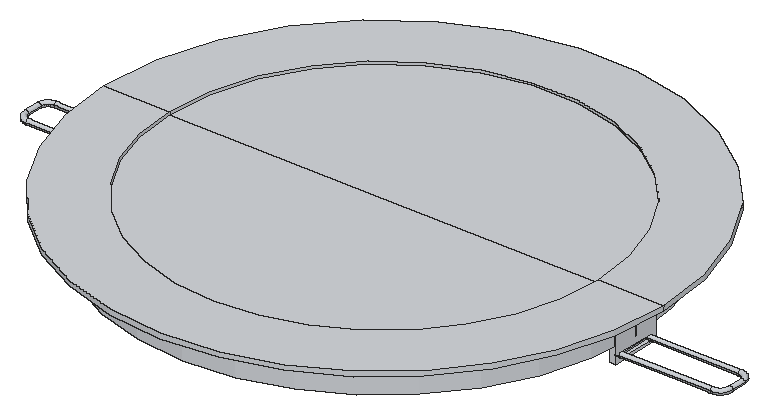
Revit family "0053940", category Lighting Fixtures, host Face, Revit 2017
Family settings
  Host = Face
  Round Connector Dimension = Use Diameter
  Part Type = Normal
  OmniClass Number = 23.80.70.00
  OmniClass Title = Lighting
  Cut with Voids When Loaded = No
  Light Source = Yes
  Shared = No
  Room Calculation Point = No
Parameters (values of type "0053940 ST E DOWNLIGHT FLT 205 IP44 2200 830 DIM")
  Weight = "4.57 kg"
  Wattage Comments = ""
  Wattage = 24 W
  WarrantyStartDate [instance] = "n/a"
  WarrantyGuarantorParts = "n/a"
  WarrantyDurationUnit = "n/a"
  WarrantyDurationParts = "n/a"
  WarrantyDescription = "n/a"
  built-in parameter 1150110 = 1 (stored number, unit not read)
  Voltage = 0 V
  URL = "http://www.sylvania-lighting.com"
  TypeName = "START eco Downlight Flat 205 IP44 2200lm 830 DIM"
  Type Image = <None>
  Type Comments = "n/a"
  built-in parameter 1114217 = 1 (stored number, unit not read)
  Tilt Angle = -90.00°
  built-in parameter 1150109 = 1 (stored number, unit not read)
  built-in parameter 1150134 = (empty or 0)
  built-in parameter 1150113 = 1 (stored number, unit not read)
  SerialNumber [instance] = "n/a"
  SIZE_203_SYL = 1
  SIZE_155_SYL = 0
  R_DIFF_SYL = if(SIZE_155_SYL = 1, 63.5 mm, if(SIZE_203_SYL = 1, 86.5 mm, 40 mm))  # 86.5 mm
  R2_SYL = if(SIZE_155_SYL = 1, 77.5 mm, if(SIZE_203_SYL = 1, 101.5 mm, 52.5 mm))  # 101.5 mm
  R1_SYL = if(SIZE_155_SYL = 1, 86 mm, if(SIZE_203_SYL = 1, 113 mm, 60 mm))  # 113 mm
  Photometric Web File = "0053940.ies"
  LUM_HEIGHT_SYL = 15 mm - CHAMF_SYL  # 14 mm
  CLIP_SYL = 10 mm
  CLIP_HOLE_SYL = 2.5 mm
  CLIP_HOLE_HE_SYL = 8.5 mm
  CLIP_D_SYL = R2_SYL - 2.5 mm  # 99 mm
  CLIP_DIST_SYL = R2_SYL - 2.5 mm  # 99 mm
  CLIP_CUTOUT_SYL = 19 mm
  CHAMF_SYL = 1 mm
  Material_3_SYL = none
  PowerFactor = 0.9
  PowerConsumption = "24 W"
  NominalLength = 226 mm
  NominalHeight = 21 mm
  NominalDepth = 226 mm
  Name = "START eco Downlight Flat 205 IP44 2200lm 830 DIM"
  ModelReference = Name  # "START eco Downlight Flat 205 IP44 2200lm 830 DIM"
  ModelNumber = "0053940"
  Model = Name  # "START eco Downlight Flat 205 IP44 2200lm 830 DIM"
  Material = "n/a"
  ManufacturerName = "Feilo Sylvania"
  Manufacturer = "Feilo Sylvania"
  LuminousEfficacy = "92 lm/W"
  built-in parameter 1150105 = 175.71 (stored number, unit not read)
  Lumens = 2208 lm
  LuminaireType = ""
  built-in parameter 1150115 = 1 (stored number, unit not read)
  LightOutputRatio = "n/a"
  built-in parameter 1150137 = (empty or 0)
  built-in parameter 1150139 = (empty or 0)
  LampsType = Lamp  # "LED"
  LampNominalLuminous = "2200 lm"
  LampMacAdamStep = "5"
  LampColourTemperature = "3000 K"
  LampColourRenderingIndex = "80"
  built-in parameter 1150112 = 1 (stored number, unit not read)
  built-in parameter 1150114 = 1 (stored number, unit not read)
  Lamp = "LED"
  Keynote = "16500"
  InstallationDate [instance] = "n/a"
  InputVoltage = "n/a"
  InputNominalFrequency = "n/a"
  built-in parameter 1150132 = (empty or 0)
  built-in parameter 1150102 = (empty or 0)
  built-in parameter 1150107 = 3000 (stored number, unit not read)
  built-in parameter 1150138 = (empty or 0)
  IngressProtection = "IP44/20"
  ImpactProtectionIndex = "IK06"
  built-in parameter 1150106 = 1.7571 (stored number, unit not read)
  IfcExportType = "IfcLightFixtureType"
  IfcExportAs = "IfcLightFixtureType"
  Emit from Circle Diameter = 609.6 mm
  Emit Shape Visible in Rendering = no
  ElectricShockClassification = "Class II"
  built-in parameter 1150104 = 8.5471 (stored number, unit not read)
  DocumentationLiterature = "http://www.sylvania-lighting.com/product/en-int/products/0053940"
  DimmingControlOptions = "n/a"
  Material_2_SYL = none
  Dimming Lamp Color Temperature Shift = <None>
  Description = "START eco Downlight Flat IP44 DIM is an integrated LED recessed downlight with separated phase dimmable driver; 24W; 2200Lm; 92Lm/W; 3000K; IP44 rated from the front; 30,000hrs (L70B50)."
  Default Elevation = 1219.2 mm
  CreatedOn = "8/6/2020"
  CreatedBy = "@sylvania-lighting.com"
  Cost = 0
  Color Filter = 16777215
  built-in parameter 1114216 [instance] = (empty or 0)
  ClassificationValue = "EF_70_80"
  ClassificationName = "Uniclass2015"
  Material_1_SYL = none
  CHAMF_2_SYL = 1 mm
  BarCode [instance] = "n/a"
  built-in parameter 1114218 = 1 (stored number, unit not read)
  built-in parameter 1150133 = 10 (stored number, unit not read)
  AssetType = "Fixed"
  AssetIdentifier [instance] = "n/a"
  Assembly Code = "D5020200"
  Apparent Load = 24 VA
  Material_4_SYL = none
Types (17, lengths in mm): name | Weight | Wattage | TypeName | built-in parameter 1150134 | SIZE_203_SYL | SIZE_155_SYL | R_DIFF_SYL | R2_SYL | R1_SYL | Photometric Web File | CLIP_D_SYL | CLIP_DIST_SYL | PowerFactor | PowerConsumption | NominalLength | NominalHeight | NominalDepth | Name | ModelReference | ModelNumber | Model | Material | LuminousEfficacy | built-in parameter 1150105 | Lumens | LampNominalLuminous | LampMacAdamStep | LampColourTemperature | built-in parameter 1150107 | built-in parameter 1150106 | built-in parameter 1150104 | DocumentationLiterature | Description | Apparent Load
  0053988 SYLFLAT 105 IP44 550LM 830 DIM | "3.555 kg" | 7 W | "Sylflat 105 IP44 550lm 830 DIM" | (empty or 0) | 0 | 1 | 63.5 | 77.5 | 86 | "0053988.ies" | 75 | 75 | 0 | "7 W" | 0 | 0 | 0 | "Sylflat 105 IP44 550lm 830 DIM" | "Sylflat 105 IP44 550lm 830 DIM" | "53988" | "Sylflat 105 IP44 550lm 830 DIM" | "n/a" | "78.57 lm/W" | 43.768 (stored number, unit not read) | 550 lm | "550 lm" | "3" | "3000 K" | 3000 (stored number, unit not read) | 0.43768 (stored number, unit not read) | 7.2995 (stored number, unit not read) | "http://www.sylvania-lighting.com/product/en-int/products/0053988" | "Sylflat DIM is an integrated LED recessed downlight with separated phase dimmable driver; 7W; 550Lm; 79Lm/W; 3000K; IP44 rated from the front; 50,000hrs (L70B50)." | 7 VA
  0053957 SYLFLAT 205 IP44 2250LM 840 DIM | "4.57 kg" | 24 W | "Sylflat 205 IP44 2250lm 840 DIM" | 12 | 1 | 0 | 86.5 | 101.5 | 113 | "0053957.ies" | 99 | 99 | 0.9 | "24 W" | 226 | 21 | 226 | "Sylflat 205 IP44 2250lm 840 DIM" | "Sylflat 205 IP44 2250lm 840 DIM" | "53957" | "Sylflat 205 IP44 2250lm 840 DIM" | "n/a" | "103 lm/W" | 196.72 (stored number, unit not read) | 2472 lm | "2250 lm" | "3" | "4000 K" | 4000 (stored number, unit not read) | 1.9672 (stored number, unit not read) | 9.569 (stored number, unit not read) | "http://www.sylvania-lighting.com/product/en-int/products/0053957" | "Sylflat DIM is an integrated LED recessed downlight with separated phase dimmable driver; 24W; 2250Lm; 103Lm/W; 4000K; IP44 rated from the front; 50,000hrs (L70B50)." | 24 VA
  0053956 SYLFLAT 205 IP44 2200LM 830 DIM | "4.57 kg" | 24 W | "Sylflat 205 IP44 2200lm 830 DIM" | (empty or 0) | 1 | 0 | 86.5 | 101.5 | 113 | "0053956.ies" | 99 | 99 | 0.9 | "24 W" | 226 | 21 | 226 | "Sylflat 205 IP44 2200lm 830 DIM" | "Sylflat 205 IP44 2200lm 830 DIM" | "53956" | "Sylflat 205 IP44 2200lm 830 DIM" | "n/a" | "100 lm/W" | 190.99 (stored number, unit not read) | 2400 lm | "2200 lm" | "3" | "3000 K" | 3000 (stored number, unit not read) | 1.9099 (stored number, unit not read) | 9.2903 (stored number, unit not read) | "http://www.sylvania-lighting.com/product/en-int/products/0053956" | "Sylflat DIM is an integrated LED recessed downlight with separated phase dimmable driver; 24W; 2200Lm; 100Lm/W; 3000K; IP44 rated from the front; 50,000hrs (L70B50)." | 24 VA
  0053955 SYLFLAT 205 IP44 1750LM 840 DIM | "4.57 kg" | 17 W | "Sylflat 205 IP44 1750lm 840 DIM" | 12 | 1 | 0 | 86.5 | 101.5 | 113 | "0053955.ies" | 99 | 99 | 0.9 | "17 W" | 226 | 21 | 226 | "Sylflat 205 IP44 1750lm 840 DIM" | "Sylflat 205 IP44 1750lm 840 DIM" | "53955" | "Sylflat 205 IP44 1750lm 840 DIM" | "aluminium housing, other diffuser" | "103 lm/W" | 139.34 (stored number, unit not read) | 1751 lm | "1750 lm" | "3" | "4000 K" | 4000 (stored number, unit not read) | 1.3934 (stored number, unit not read) | 9.569 (stored number, unit not read) | "http://www.sylvania-lighting.com/product/en-int/products/0053955" | "Sylflat DIM is an integrated LED recessed downlight with separated phase dimmable driver; 17W; 1750Lm; 103Lm/W; 4000K; IP44 rated from the front; 50,000hrs (L70B50)." | 17 VA
  0053954 SYLFLAT 205 IP44 1550LM 830 DIM | "4.57 kg" | 17 W | "Sylflat 205 IP44 1550lm 830 DIM" | (empty or 0) | 1 | 0 | 86.5 | 101.5 | 113 | "0053954.ies" | 99 | 99 | 0.9 | "17 W" | 226 | 21 | 226 | "Sylflat 205 IP44 1550lm 830 DIM" | "Sylflat 205 IP44 1550lm 830 DIM" | "53954" | "Sylflat 205 IP44 1550lm 830 DIM" | "aluminium housing, other diffuser" | "91 lm/W" | 123.11 (stored number, unit not read) | 1547 lm | "1550 lm" | "3" | "3000 K" | 3000 (stored number, unit not read) | 1.2311 (stored number, unit not read) | 8.4542 (stored number, unit not read) | "http://www.sylvania-lighting.com/product/en-int/products/0053954" | "Sylflat DIM is an integrated LED recessed downlight with separated phase dimmable driver; 17W; 1550Lm; 91Lm/W; 3000K; IP44 rated from the front; 50,000hrs (L70B50)." | 17 VA
  0053953 SYLFLAT 155 IP44 1100LM 840 DIM | "3.27 kg" | 12 W | "Sylflat 155 IP44 1100lm 840 DIM" | 12 | 0 | 1 | 63.5 | 77.5 | 86 | "0053953.ies" | 75 | 75 | 0.9 | "12 W" | 172 | 21 | 172 | "Sylflat 155 IP44 1100lm 840 DIM" | "Sylflat 155 IP44 1100lm 840 DIM" | "53953" | "Sylflat 155 IP44 1100lm 840 DIM" | "aluminium housing, other diffuser" | "92 lm/W" | 87.854 (stored number, unit not read) | 1104 lm | "1100 lm" | "3" | "4000 K" | 4000 (stored number, unit not read) | 0.87854 (stored number, unit not read) | 8.5471 (stored number, unit not read) | "http://www.sylvania-lighting.com/product/en-int/products/0053953" | "Sylflat DIM is an integrated LED recessed downlight with separated phase dimmable driver; 12W; 1100Lm; 92Lm/W; 4000K; IP44 rated from the front; 50,000hrs (L70B50)." | 12 VA
  0053952 SYLFLAT 155 IP44 1000LM 830 DIM | "3.27 kg" | 12 W | "Sylflat 155 IP44 1000lm 830 DIM" | (empty or 0) | 0 | 1 | 63.5 | 77.5 | 86 | "0053952.ies" | 75 | 75 | 0.9 | "12 W" | 172 | 21 | 172 | "Sylflat 155 IP44 1000lm 830 DIM" | "Sylflat 155 IP44 1000lm 830 DIM" | "53952" | "Sylflat 155 IP44 1000lm 830 DIM" | "aluminium housing, other diffuser" | "83 lm/W" | 79.259 (stored number, unit not read) | 996 lm | "1000 lm" | "3" | "3000 K" | 3000 (stored number, unit not read) | 0.79259 (stored number, unit not read) | 7.711 (stored number, unit not read) | "http://www.sylvania-lighting.com/product/en-int/products/0053952" | "Sylflat DIM is an integrated LED recessed downlight with separated phase dimmable driver; 12W; 1000Lm; 83Lm/W; 3000K; IP44 rated from the front; 50,000hrs (L70B50)." | 12 VA
  0053951 ST E DOWNLIGHT FLT 205 IP44 2200 865 DIM | "4.57 kg" | 24 W | "START eco Downlight Flat 205 IP44 2200lm 865 DIM" | 1 | 1 | 0 | 86.5 | 101.5 | 113 | "0053951.ies" | 99 | 99 | 0.9 | "24 W" | 226 | 21 | 226 | "START eco Downlight Flat 205 IP44 2200lm 865 DIM" | "START eco Downlight Flat 205 IP44 2200lm 865 DIM" | "53951" | "START eco Downlight Flat 205 IP44 2200lm 865 DIM" | "n/a" | "92 lm/W" | 175.71 (stored number, unit not read) | 2208 lm | "2200 lm" | "5" | "6500 K" | 6500 (stored number, unit not read) | 1.7571 (stored number, unit not read) | 8.5471 (stored number, unit not read) | "http://www.sylvania-lighting.com/product/en-int/products/0053951" | "START eco Downlight Flat IP44 DIM is an integrated LED recessed downlight with separated phase dimmable driver; 24W; 2200Lm; 92Lm/W; 6500K; IP44 rated from the front; 30,000hrs (L70B50)." | 24 VA
  0053950 ST E DOWNLIGHT FLT 205 IP44 1700 865 DIM | "4.57 kg" | 17 W | "START eco Downlight Flat 205 IP44 1700lm 865 DIM" | 1 | 1 | 0 | 86.5 | 101.5 | 113 | "0053950.ies" | 99 | 99 | 0.9 | "17 W" | 226 | 21 | 226 | "START eco Downlight Flat 205 IP44 1700lm 865 DIM" | "START eco Downlight Flat 205 IP44 1700lm 865 DIM" | "53950" | "START eco Downlight Flat 205 IP44 1700lm 865 DIM" | "aluminium housing, other diffuser" | "100 lm/W" | 135.28 (stored number, unit not read) | 1700 lm | "1700 lm" | "5" | "6500 K" | 6500 (stored number, unit not read) | 1.3528 (stored number, unit not read) | 9.2903 (stored number, unit not read) | "http://www.sylvania-lighting.com/product/en-int/products/0053950" | "START eco Downlight Flat IP44 DIM is an integrated LED recessed downlight with separated phase dimmable driver; 17W; 1700Lm; 100Lm/W; 6500K; IP44 rated from the front; 30,000hrs (L70B50)." | 17 VA
  0053949 ST E DOWNLIGHT FLT 155 IP44 1100 865 DIM | "3.27 kg" | 12 W | "START eco Downlight Flat 155 IP44 1100lm 865 DIM" | 1 | 0 | 1 | 63.5 | 77.5 | 86 | "0053949.ies" | 75 | 75 | 0.9 | "12 W" | 172 | 21 | 172 | "START eco Downlight Flat 155 IP44 1100lm 865 DIM" | "START eco Downlight Flat 155 IP44 1100lm 865 DIM" | "53949" | "START eco Downlight Flat 155 IP44 1100lm 865 DIM" | "aluminium housing, other diffuser" | "92 lm/W" | 87.854 (stored number, unit not read) | 1104 lm | "1100 lm" | "5" | "6500 K" | 6500 (stored number, unit not read) | 0.87854 (stored number, unit not read) | 8.5471 (stored number, unit not read) | "http://www.sylvania-lighting.com/product/en-int/products/0053949" | "START eco Downlight Flat IP44 DIM is an integrated LED recessed downlight with separated phase dimmable driver; 12W; 1100Lm; 92Lm/W; 6500K; IP44 rated from the front; 30,000hrs (L70B50)." | 12 VA
  0053944 ST E DOWNLIGHT FLT 205 IP44 2250 840 DIM | "4.57 kg" | 24 W | "START eco Downlight Flat 205 IP44 2250lm 840 DIM" | 12 | 1 | 0 | 86.5 | 101.5 | 113 | "0053944.ies" | 99 | 99 | 0.9 | "24 W" | 226 | 21 | 226 | "START eco Downlight Flat 205 IP44 2250lm 840 DIM" | "START eco Downlight Flat 205 IP44 2250lm 840 DIM" | "53944" | "START eco Downlight Flat 205 IP44 2250lm 840 DIM" | "n/a" | "94 lm/W" | 179.53 (stored number, unit not read) | 2256 lm | "2250 lm" | "5" | "4000 K" | 4000 (stored number, unit not read) | 1.7953 (stored number, unit not read) | 8.7329 (stored number, unit not read) | "http://www.sylvania-lighting.com/product/en-int/products/0053944" | "START eco Downlight Flat IP44 DIM is an integrated LED recessed downlight with separated phase dimmable driver; 24W; 2250Lm; 94Lm/W; 4000K; IP44 rated from the front; 30,000hrs (L70B50)." | 24 VA
  0053942 ST E DOWNLIGHT FLT 205 IP44 1750 840 DIM | "4.57 kg" | 17 W | "START eco Downlight Flat 205 IP44 1750lm 840 DIM" | 12 | 1 | 0 | 86.5 | 101.5 | 113 | "0053942.ies" | 99 | 99 | 0.9 | "17 W" | 226 | 21 | 226 | "START eco Downlight Flat 205 IP44 1750lm 840 DIM" | "START eco Downlight Flat 205 IP44 1750lm 840 DIM" | "53942" | "START eco Downlight Flat 205 IP44 1750lm 840 DIM" | "aluminium housing, other diffuser" | "103 lm/W" | 139.34 (stored number, unit not read) | 1751 lm | "1750 lm" | "5" | "4000 K" | 4000 (stored number, unit not read) | 1.3934 (stored number, unit not read) | 9.569 (stored number, unit not read) | "http://www.sylvania-lighting.com/product/en-int/products/0053942" | "START eco Downlight Flat IP44 DIM is an integrated LED recessed downlight with separated phase dimmable driver; 17W; 1750Lm; 103Lm/W; 4000K; IP44 rated from the front; 30,000hrs (L70B50)." | 17 VA
  0053941 ST E DOWNLIGHT FLT 155 IP44 1100 840 DIM | "3.27 kg" | 12 W | "START eco Downlight Flat 155 IP44 1100lm 840 DIM" | 12 | 0 | 1 | 63.5 | 77.5 | 86 | "0053941.ies" | 75 | 75 | 0.9 | "12 W" | 172 | 21 | 172 | "START eco Downlight Flat 155 IP44 1100lm 840 DIM" | "START eco Downlight Flat 155 IP44 1100lm 840 DIM" | "53941" | "START eco Downlight Flat 155 IP44 1100lm 840 DIM" | "aluminium housing, other diffuser" | "92 lm/W" | 87.854 (stored number, unit not read) | 1104 lm | "1100 lm" | "5" | "4000 K" | 4000 (stored number, unit not read) | 0.87854 (stored number, unit not read) | 8.5471 (stored number, unit not read) | "http://www.sylvania-lighting.com/product/en-int/products/0053941" | "START eco Downlight Flat IP44 DIM is an integrated LED recessed downlight with separated phase dimmable driver; 12W; 1100Lm; 92Lm/W; 4000K; IP44 rated from the front; 30,000hrs (L70B50)." | 12 VA
  0053940 ST E DOWNLIGHT FLT 205 IP44 2200 830 DIM | "4.57 kg" | 24 W | "START eco Downlight Flat 205 IP44 2200lm 830 DIM" | (empty or 0) | 1 | 0 | 86.5 | 101.5 | 113 | "0053940.ies" | 99 | 99 | 0.9 | "24 W" | 226 | 21 | 226 | "START eco Downlight Flat 205 IP44 2200lm 830 DIM" | "START eco Downlight Flat 205 IP44 2200lm 830 DIM" | "0053940" | "START eco Downlight Flat 205 IP44 2200lm 830 DIM" | "n/a" | "92 lm/W" | 175.71 (stored number, unit not read) | 2208 lm | "2200 lm" | "5" | "3000 K" | 3000 (stored number, unit not read) | 1.7571 (stored number, unit not read) | 8.5471 (stored number, unit not read) | "http://www.sylvania-lighting.com/product/en-int/products/0053940" | "START eco Downlight Flat IP44 DIM is an integrated LED recessed downlight with separated phase dimmable driver; 24W; 2200Lm; 92Lm/W; 3000K; IP44 rated from the front; 30,000hrs (L70B50)." | 24 VA
  0053938 ST E DOWNLIGHT FLT 205 IP44 1550 830 DIM | "4.57 kg" | 17 W | "START eco Downlight Flat 205 IP44 1550lm 830 DIM" | (empty or 0) | 1 | 0 | 86.5 | 101.5 | 113 | "0053938.ies" | 99 | 99 | 0.9 | "17 W" | 226 | 21 | 226 | "START eco Downlight Flat 205 IP44 1550lm 830 DIM" | "START eco Downlight Flat 205 IP44 1550lm 830 DIM" | "53938" | "START eco Downlight Flat 205 IP44 1550lm 830 DIM" | "aluminium housing, other diffuser" | "91 lm/W" | 123.11 (stored number, unit not read) | 1547 lm | "1550 lm" | "5" | "3000 K" | 3000 (stored number, unit not read) | 1.2311 (stored number, unit not read) | 8.4542 (stored number, unit not read) | "http://www.sylvania-lighting.com/product/en-int/products/0053938" | "START eco Downlight Flat IP44 DIM is an integrated LED recessed downlight with separated phase dimmable driver; 17W; 1550Lm; 91Lm/W; 3000K; IP44 rated from the front; 30,000hrs (L70B50)." | 17 VA
  0053937 ST E DOWNLIGHT FLT 155 IP44 1000 830 DIM | "3.27 kg" | 12 W | "START eco Downlight Flat 155 IP44 1000lm 830 DIM" | (empty or 0) | 0 | 1 | 63.5 | 77.5 | 86 | "0053937.ies" | 75 | 75 | 0.9 | "12 W" | 172 | 21 | 172 | "START eco Downlight Flat 155 IP44 1000lm 830 DIM" | "START eco Downlight Flat 155 IP44 1000lm 830 DIM" | "53937" | "START eco Downlight Flat 155 IP44 1000lm 830 DIM" | "aluminium housing, other diffuser" | "83 lm/W" | 79.259 (stored number, unit not read) | 996 lm | "1000 lm" | "5" | "3000 K" | 3000 (stored number, unit not read) | 0.79259 (stored number, unit not read) | 7.711 (stored number, unit not read) | "http://www.sylvania-lighting.com/product/en-int/products/0053937" | "START eco Downlight Flat IP44 DIM is an integrated LED recessed downlight with separated phase dimmable driver; 12W; 1000Lm; 83Lm/W; 3000K; IP44 rated from the front; 30,000hrs (L70B50)." | 12 VA
  0053989 SYLFLAT 105 IP44 600LM 840 DIM | "3.555 kg" | 7 W | "Sylflat 105 IP44 600lm 840 DIM" | 12 | 0 | 1 | 63.5 | 77.5 | 86 | "0053989.ies" | 75 | 75 | 0 | "7 W" | 0 | 0 | 0 | "Sylflat 105 IP44 600lm 840 DIM" | "Sylflat 105 IP44 600lm 840 DIM" | "53989" | "Sylflat 105 IP44 600lm 840 DIM" | "n/a" | "85.71 lm/W" | 47.746 (stored number, unit not read) | 600 lm | "600 lm" | "3" | "4000 K" | 4000 (stored number, unit not read) | 0.47746 (stored number, unit not read) | 7.9631 (stored number, unit not read) | "http://www.sylvania-lighting.com/product/en-int/products/0053989" | "Sylflat DIM is an integrated LED recessed downlight with separated phase dimmable driver; 7W; 600Lm; 86Lm/W; 4000K; IP44 rated from the front; 50,000hrs (L70B50)." | 7 VA
Reference planes
  plane 1 "Center (Front/Back)": y = 0
  plane 2: z = 0
  plane 3 "Center (Left/Right)": x = 0
  plane 4: z = 1
  plane 5: z = -1
  plane 6: z = -14
  plane 7: x = 113
  plane 8: x = 86.5
  plane 9: x = 101.5
  plane 10: x = 0
  plane 11: x = -96
  plane 12: x = -101.5
  plane 13: y = 10
  plane 14: y = -10
  plane 15: x = 99
  plane 16: z = -19
  plane 17: z = -16.5
  plane 18: y = -8.5
  plane 19: y = 8.5
  plane 20: x = -99
Forms (mm)
  Revolve 1, solid
    sketch origin (0, 0, 0) x (1, 0, 0) y (0, 0, 1)
      loop
        line (0, 0) -> (0, -14) -> (101.5, -14) -> (101.5, -1) -> (113, -1) -> (113, 1) -> (86.5, 1) -> (86.5, 0) -> (0, 0)
      axis (0, 1) -> (0, -14)
    angle from 360 to 0
  Extrusion 2, solid
    sketch origin (0, 0, 0) x (1, 0, 0) y (0, 1, 0)
      loop
        line (99, 10) -> (99, -10) -> (101.5, -10) -> (101.5, 10) -> (99, 10)
      loop
        line (-99, 10) -> (-101.5, 10) -> (-101.5, -10) -> (-99, -10) -> (-99, 10)
    from -20 to -1
  Extrusion 3, void
    sketch origin (319, 1524, 1219.2) x (0, 1, 0) y (0, 0, 1)
      loop
        line (-1515.5, -1238.2) -> (-1515.5, -1235.7) -> (-1532.5, -1235.7) -> (-1532.5, -1238.2) -> (-1515.5, -1238.2)
    from -440.059 to 10
  Sweep 4, solid
    path origin (-31.995, -2.046, -2.165) x (1, 0, 0) y (0, 1, 0)
      loop
        arc (-106, 9.306) -> (-108.828, 8.135) -> (-110, 5.306) r 4
        line (-110, 5.306) -> (-110, -0.922)
        arc (-110, -0.922) -> (-108.828, -3.75) -> (-106, -4.922) r 4
        line (-106, -4.922) -> (-68, -4.922) -> (-68, 9.306) -> (-106, 9.306)
    profile origin (-118.995, 7.26, -2.165) x (0, 1, 0) y (0, 0, 1)
      loop
        circle (0, -15.572) r 0.967
  Sweep 5, solid
    path origin (31.995, -2.046, -2.165) x (-1, 0, 0) y (0, -1, 0)
      loop
        line (-106, -9.306) -> (-68, -9.306) -> (-68, 4.922) -> (-106, 4.922)
        arc (-106, 4.922) -> (-108.828, 3.75) -> (-110, 0.922) r 4
        line (-110, 0.922) -> (-110, -5.306)
        arc (-110, -5.306) -> (-108.828, -8.135) -> (-106, -9.306) r 4
    profile origin (118.995, 7.26, -2.165) x (0, -1, 0) y (0, 0, 1)
      loop
        circle (0, -15.572) r 0.967
Cuts and joins
  Extrusion 3 cuts Extrusion 2
Dimensions and locks
  "LUM_HEIGHT_SYL": host face to plane 6
  "CHAMF_2_SYL": host face to plane 5
  "CHAMF_SYL": plane 4 to host face
  "R_DIFF_SYL": plane 8 to plane 3 "Center (Left/Right)"
  "R2_SYL": plane 3 "Center (Left/Right)" to plane 9
  "R1_SYL": plane 7 to plane 3 "Center (Left/Right)"
  "CLIP_SYL": plane 14 to plane 1 "Center (Front/Back)" to plane 13
  "CLIP_D_SYL": plane 10 to plane 15
  "R2_SYL": plane 10 to plane 9
  "CLIP_CUTOUT_SYL": host face to plane 16
  "CLIP_HOLE_SYL": plane 17 to plane 16
  "CLIP_HOLE_HE_SYL": plane 19 to plane 1 "Center (Front/Back)" to plane 18
  "R2_SYL": plane 12 to plane 10
  "CLIP_D_SYL": plane 20 to plane 3 "Center (Left/Right)"
  aligned and locked: plane 2 to host face
  aligned and locked: level to host face
  aligned and locked: Revolve 1 sketch curve to plane 3 "Center (Left/Right)"
  aligned and locked: plane 13 to Extrusion 2 sketch curve
  aligned and locked: Extrusion 2 sketch curve to plane 15
  aligned and locked: Extrusion 2 sketch curve to plane 14
  aligned and locked: plane 9 to Extrusion 2 sketch curve
  aligned and locked: Extrusion 3 sketch curve to plane 16
  aligned and locked: plane 19 to Extrusion 3 sketch curve
  aligned and locked: Extrusion 3 sketch curve to plane 17
  aligned and locked: Extrusion 3 sketch curve to plane 18
  aligned and locked: Extrusion 2 sketch curve to plane 13
  aligned and locked: Extrusion 2 sketch curve to plane 20
  aligned and locked: plane 14 to Extrusion 2 sketch curve
  aligned and locked: plane 12 to Extrusion 2 sketch curve
Automatic sketch dimensions
  host sketch curve to host sketch curve = 2438.4 mm  (x2)
  Revolve 1 sketch curve to level = 0 mm
  Revolve 1 sketch curve to plane 3 "Center (Left/Right)" = 0 mm
  plane 8 to Revolve 1 sketch curve = 0 mm
  Revolve 1 sketch curve to plane 6 = 0 mm
  plane 9 to Revolve 1 sketch curve = 0 mm
  Revolve 1 sketch curve to plane 5 = 0 mm
  plane 7 to Revolve 1 sketch curve = 0 mm
  Revolve 1 sketch curve to plane 4 = 0 mm
  Revolve 1 sketch curve to plane 16 = 584.6 mm
  Revolve 1 sketch curve to plane 4 = 2608.058 mm
  plane 1 "Center (Front/Back)" to Sweep 4 sketch curve = 2.968 mm
  plane 12 to Sweep 4 sketch curve = 40.495 mm
  Sweep 4 sketch curve to plane 18 = 1.532 mm
  Sweep 4 sketch curve to Sweep 4 sketch curve = 4 mm
  plane 20 to Sweep 4 sketch curve = 0.995 mm
  Sweep 4 sketch curve to plane 1 "Center (Front/Back)" = 3.26 mm
  Sweep 4 sketch curve to profile plane = 0 mm
  Sweep 4 sketch curve to profile plane = 15.572 mm
  plane 1 "Center (Front/Back)" to Sweep 5 sketch curve = 2.968 mm
  Sweep 5 sketch curve to plane 7 = 28.995 mm
  Sweep 5 sketch curve to plane 18 = 1.532 mm
  Sweep 5 sketch curve to Sweep 5 sketch curve = 4 mm
  Sweep 5 sketch curve to plane 15 = 0.995 mm
  Sweep 5 sketch curve to plane 1 "Center (Front/Back)" = 3.26 mm
  Sweep 5 sketch curve to profile plane = 0 mm
  Sweep 5 sketch curve to profile plane = 15.572 mm
  radius of Sweep 4 sketch curve = 0.967 mm
  radius of Sweep 5 sketch curve = 0.967 mm
